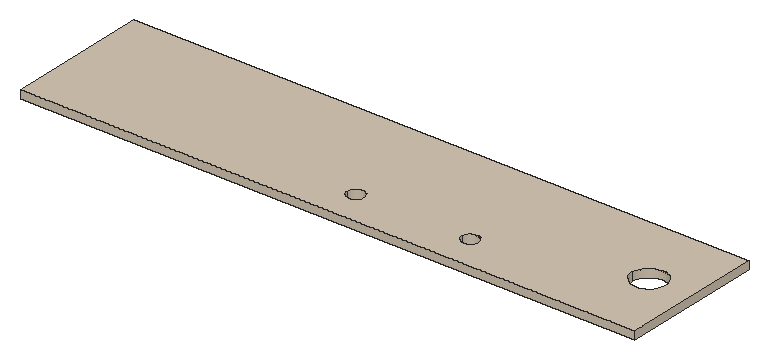
Revit family "rinnai_linear_fire_platform_1000", category Specialty Equipment, Revit 2019
Family settings
  Round Connector Dimension = Use Diameter
  Part Type = Normal
  Work Plane-Based = No
  Always vertical = Yes
  Cut with Voids When Loaded = No
  Shared = No
  Room Calculation Point = No
Parameters (values of type "Fire Platform for Linear 1000 Series")
  m_platform = Rinnai Ply
  Type Comments = "Plywood platform to support fire."
  Thickness = 20 mm
  Opening Width = Fire Width + 100 mm  # 1450 mm
  Fire Width = 1350 mm
  Fire Box Centre = 500 mm
  Depth = 335 mm
  B = 400 mm
  A = 50 mm
Reference planes
  plane 1 "Center (Front/Back)": y = 0
  plane 2: z = 0
  plane 3 "Center (Left/Right)": x = -161.867
  plane 4: y = 167.5
  plane 5 "Fire Centreline": x = 63.133
  plane 6: y = -167.5
  plane 7: x = 563.133
  plane 8: x = -886.867
  plane 9: z = -20
  plane 10: y = -90.5
  plane 11: x = 113.133
  plane 12: x = -156.867
  plane 13: x = 463.133
Forms (mm)
  Extrusion 1, solid, material "Rinnai Ply" <- "m_platform"
    sketch origin (0, 0, 0) x (1, 0, 0) y (0, 1, 0)
      loop
        line (-886.867, -167.5) -> (563.133, -167.5) -> (563.133, 167.5) -> (-886.867, 167.5) -> (-886.867, -167.5)
      loop
        circle (113.133, -90.5) r 20
      loop
        circle (463.133, 0) r 40
      loop
        circle (-156.867, -90.5) r 20
    from -20 to 0
Dimensions and locks
  equal spacing: plane 4, plane 1 "Center (Front/Back)", plane 6
  "Depth": plane 4 to plane 6
  "Opening Width": plane 8 to plane 7
  "Fire Box Centre": plane 5 "Fire Centreline" to plane 7
  equal spacing: plane 8, plane 3 "Center (Left/Right)", plane 7
  plane 10 to plane 6 = 77 mm
  "A": plane 5 "Fire Centreline" to plane 11
  "B": plane 5 "Fire Centreline" to plane 13
  locked: plane 12 to plane 5 "Fire Centreline" at 220
  plane 3 "Center (Left/Right)" to plane 5 "Fire Centreline" = 225 mm
  "Thickness": plane 2 to plane 9
  aligned and locked: level to plane 2
  aligned and locked: Extrusion 1 sketch curve to plane 6
  aligned and locked: Extrusion 1 sketch curve to plane 8
  aligned and locked: plane 4 to Extrusion 1 sketch curve
  aligned and locked: plane 7 to Extrusion 1 sketch curve
  aligned and locked: Extrusion 1 to plane 9
  aligned and locked: plane 2 to Extrusion 1
Automatic sketch dimensions
  Extrusion 1 sketch curve to plane 10 = 0 mm  (x2)
  Extrusion 1 sketch curve to plane 12 = 0 mm
  Extrusion 1 sketch curve to plane 11 = 0 mm
  plane 1 "Center (Front/Back)" to Extrusion 1 sketch curve = 0 mm
  Extrusion 1 sketch curve to plane 13 = 0 mm
  radius of Extrusion 1 sketch curve = 20 mm  (x2)
  radius of Extrusion 1 sketch curve = 40 mm
